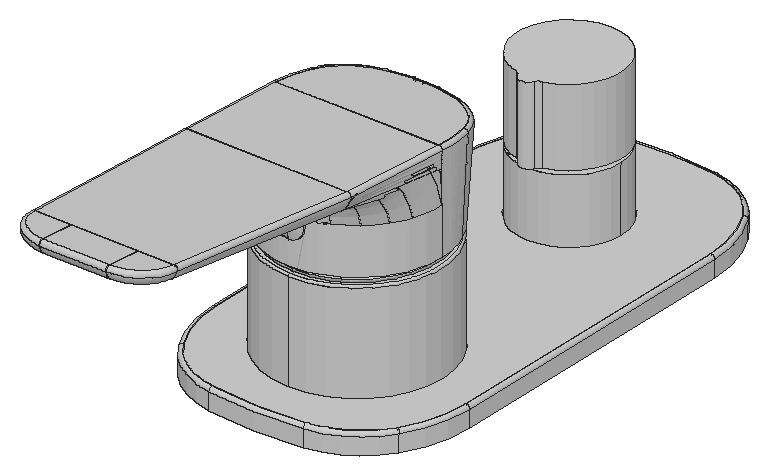
Revit family "CONTURA II BATH-SHOWER MIXER WITH DIVERTER", category Plumbing Fixtures, host Face, Revit 2020
Family settings
  Host = Face
  Round Connector Dimension = Use Diameter
  Part Type = Normal
  OmniClass Number = 23.45.55.17
  OmniClass Title = Mixing Faucets
  Cut with Voids When Loaded = Yes
  Shared = No
  Room Calculation Point = No
Parameters (values of type "CONTURA II BATH-SHOWER MIXER WITH DIVERTER - CHROME")
  Waste Connection = no
  Vent Connection = no
  URL = "https://www.caroma.com.au/"
  Model = "849057C"
  Base_Material = GWA_Metal-Chrome
  Manufacturer = "GWA Bathrooms & Kitchens"  # constant formula
  HW Connection = yes
  Description = "CONTURA II BATH-SHOWER MIXER WITH DIVERTER - CHROME"
  Default Elevation = 0 mm
  CreatedBy_ANZRS = "GWA Bathrooms & Kitchens"  # constant formula
  CW Connection = yes
  Assembly Code = "D2020300"
Types (6, lengths in mm): name | Model | Base_Material | Description
  (no name) | "849057C" | GWA_Metal-Chrome | "CONTURA II BATH-SHOWER MIXER WITH DIVERTER - CHROME"
  CONTURA II BATH-SHOWER MIXER WITH DIVERTER - CHROME | "849057C" | GWA_Metal-Chrome | "CONTURA II BATH-SHOWER MIXER WITH DIVERTER - CHROME"
  CONTURA II BATH-SHOWER MIXER WITH DIVERTER - MATTE BLACK | "849057B" | GWA-Metal-Black | "CONTURA II BATH-SHOWER MIXER WITH DIVERTER - MATTE BLACK"
  CONTURA II BATH-SHOWER MIXER WITH DIVERTER - BRUSHED BRASS | "849057BB" | GWA_Metal-Brushed-Brass | "CONTURA II BATH-SHOWER MIXER WITH DIVERTER - BRUSHED BRASS"
  CONTURA II BATH-SHOWER MIXER WITH DIVERTER - BRUSHED BRONZE | "849057BBZ" | GWA_Metal-Brushed-Bronze | "CONTURA II BATH-SHOWER MIXER WITH DIVERTER - BRUSHED BRONZE"
  CONTURA II BATH-SHOWER MIXER WITH DIVERTER - BRUSHED NICKEL | "849057BN" | GWA_Metal-Brushed-Nickel | "CONTURA II BATH-SHOWER MIXER WITH DIVERTER - BRUSHED NICKEL"
Reference planes
  plane 1 "Center (Front/Back)": y = 0
  plane 2: z = 0
  plane 3 "Center (Left/Right)": x = 0
Forms (mm)
  Sweep 1, solid, material "GWA_Metal-Chrome" <- "Base_Material"
    path origin (0, 0, 0) x (1, 0, 0) y (0, 1, 0)
      loop
        arc (32.5, 72.12) -> (31.3, 80.655) -> (27.784, 88.525) r 30.835
        arc (27.784, 88.525) -> (20.982, 95.397) -> (11.903, 98.719) r 22.166
        arc (11.903, 98.719) -> (0, 99.5) -> (-11.903, 98.719) r 91.144
        arc (-11.903, 98.719) -> (-20.982, 95.397) -> (-27.784, 88.525) r 22.166
        arc (-27.784, 88.525) -> (-31.297, 80.663) -> (-32.5, 72.135) r 30.835
        line (-32.5, 72.135) -> (-32.5, -5.135)
        arc (-32.5, -5.135) -> (-31.297, -13.663) -> (-27.784, -21.525) r 30.835
        arc (-27.784, -21.525) -> (-20.982, -28.397) -> (-11.903, -31.719) r 22.166
        arc (-11.903, -31.719) -> (0, -32.5) -> (11.903, -31.719) r 91.144
        arc (11.903, -31.719) -> (20.982, -28.397) -> (27.784, -21.525) r 22.166
        arc (27.784, -21.525) -> (31.295, -13.67) -> (32.5, -5.151) r 30.835
        line (32.5, -5.151) -> (32.5, 72.12)
    profile origin (32.5, 33.485, 0) x (1, 0, 0) y (0, 0, 1)
      loop
        line (0, 0) -> (0, 4.2)
        arc (0, 4.2) -> (-0.293, 4.907) -> (-1, 5.2) r 1
        line (-1, 5.2) -> (-1, 0) -> (0, 0)
  Extrusion 2, solid, material "GWA_Metal-Chrome" <- "Base_Material"
    sketch origin (0, 0, 0) x (1, 0, 0) y (0, 1, 0)
      loop
        circle (0, 0) r 21.8
      loop
        circle (0, 67) r 13.3
      loop
        arc (-11.772, 97.728) -> (-20.442, 94.555) -> (-26.937, 87.993) r 21.166
        arc (-26.937, 87.993) -> (-30.336, 80.386) -> (-31.5, 72.135) r 29.835
        line (-31.5, 72.135) -> (-31.5, -5.135)
        arc (-31.5, -5.135) -> (-30.336, -13.386) -> (-26.937, -20.993) r 29.835
        arc (-26.937, -20.993) -> (-20.442, -27.555) -> (-11.772, -30.728) r 21.166
        arc (-11.772, -30.728) -> (0, -31.5) -> (11.772, -30.728) r 90.144
        arc (11.772, -30.728) -> (20.442, -27.555) -> (26.937, -20.993) r 21.166
        arc (26.937, -20.993) -> (30.334, -13.393) -> (31.5, -5.15) r 29.835
        line (31.5, -5.15) -> (31.5, 72.12)
        arc (31.5, 72.12) -> (30.339, 80.379) -> (26.937, 87.993) r 29.835
        arc (26.937, 87.993) -> (20.442, 94.555) -> (11.772, 97.728) r 21.166
        arc (11.772, 97.728) -> (0, 98.5) -> (-11.772, 97.728) r 90.144
    from 0 to 5.2
  Revolve 3, solid, material "GWA_Metal-Chrome" <- "Base_Material"
    sketch origin (0, 0, 0) x (0, 1, 0) y (0, 0, 1)
      loop
        arc (-15.92, 36.8) -> (-18.261, 34.183) -> (-20.177, 31.24) r 23
        arc (-20.177, 31.24) -> (-20.169, 30.745) -> (-19.739, 30.5) r 0.5
        line (-19.739, 30.5) -> (0, 30.5) -> (0, 36.8) -> (-15.92, 36.8)
      axis (0, 30.5) -> (0, 36.8)
    angle from 0 to 360
  Revolve 4, solid, material "GWA_Metal-Chrome" <- "Base_Material"
    sketch origin (0, 0, 0) x (0, 1, 0) y (0, 0, 1)
      loop
        line (0, 30.5) -> (-21, 30.5)
        arc (-21, 30.5) -> (-21.354, 30.354) -> (-21.5, 30) r 0.5
        line (-21.5, 30) -> (-21.5, 0) -> (0, 0) -> (0, 30.5)
      axis (0, 0) -> (0, 30.5)
    angle from 0 to 360
  Extrusion 5, solid, material "GWA_Metal-Chrome" <- "Base_Material"
    sketch origin (0, 0, 0) x (1, 0, 0) y (0, 1, 0)
      loop
        circle (0, 67) r 13
    from 0 to 21.4
  Extrusion 6, solid, material "GWA_Metal-Chrome" <- "Base_Material"
    sketch origin (0, 0, 0) x (1, 0, 0) y (0, 1, 0)
      loop
        arc (-2.106, 53.459) -> (0, 52.002) -> (2.106, 53.459) r 2.25
        arc (2.106, 53.459) -> (2.512, 54.051) -> (3.147, 54.387) r 1.5
        arc (3.147, 54.387) -> (0, 80) -> (-3.147, 54.387) r 13
        arc (-3.147, 54.387) -> (-2.512, 54.051) -> (-2.106, 53.459) r 1.5
    from 22.4 to 41.9
Lines and regions (mm)
  Masking region 1
    outline origin (0, 0, 0) x (1, 0, 0) y (0, 1, 0)
      loop
        arc (-21.078, -28.335) -> (-20.113, -53.165) -> (-18.593, -77.967) r 1110.789
        arc (-18.593, -77.967) -> (-18.119, -80.677) -> (-17.111, -83.238) r 13.668
        arc (-17.111, -83.238) -> (-13.503, -87.334) -> (-8.387, -89.236) r 11.189
        arc (-8.387, -89.236) -> (0, -89.695) -> (8.387, -89.236) r 76.764
        arc (8.387, -89.236) -> (13.503, -87.334) -> (17.111, -83.238) r 11.189
        arc (17.111, -83.238) -> (18.119, -80.677) -> (18.593, -77.967) r 13.668
        arc (18.593, -77.967) -> (20.113, -53.165) -> (21.078, -28.335) r 1110.789
        arc (21.078, -28.335) -> (24.802, -25.296) -> (27.784, -21.525) r 22.166
        arc (27.784, -21.525) -> (31.295, -13.67) -> (32.5, -5.151) r 30.835
        line (32.5, -5.151) -> (32.5, 72.12)
        arc (32.5, 72.12) -> (31.3, 80.655) -> (27.784, 88.525) r 30.835
        arc (27.784, 88.525) -> (20.982, 95.397) -> (11.903, 98.719) r 22.166
        arc (11.903, 98.719) -> (0, 99.5) -> (-11.903, 98.719) r 91.144
        arc (-11.903, 98.719) -> (-20.982, 95.397) -> (-27.784, 88.525) r 22.166
        arc (-27.784, 88.525) -> (-31.297, 80.663) -> (-32.5, 72.135) r 30.835
        line (-32.5, 72.135) -> (-32.5, -5.135)
        arc (-32.5, -5.135) -> (-31.297, -13.663) -> (-27.784, -21.525) r 30.835
        arc (-27.784, -21.525) -> (-24.802, -25.296) -> (-21.078, -28.335) r 22.166
  Masking region 2
    outline origin (0, 0, 0) x (0, 1, 0) y (0, 0, 1)
      loop
        line (80, 5.2) -> (80, 21.4) -> (54, 21.4) -> (54, 5.2) -> (21.5, 5.2) -> (21.5, 30)
        arc (21.5, 30) -> (21.354, 30.354) -> (21, 30.5) r 0.5
        line (21, 30.5) -> (-21, 30.5)
        arc (-21, 30.5) -> (-21.354, 30.354) -> (-21.5, 30) r 0.5
        line (-21.5, 30) -> (-21.5, 5.2) -> (-31.5, 5.2)
        arc (-31.5, 5.2) -> (-32.207, 4.907) -> (-32.5, 4.2) r 1
        line (-32.5, 4.2) -> (-32.5, 0) -> (99.5, 0) -> (99.5, 4.2)
        arc (99.5, 4.2) -> (99.207, 4.907) -> (98.5, 5.2) r 1
        line (98.5, 5.2) -> (80, 5.2)
      loop
        line (52.002, 22.4) -> (80, 22.4) -> (80, 41.9) -> (52.002, 41.9) -> (52.002, 22.4)
      loop
        arc (-66.761, 63.338) -> (-73.285, 63.888) -> (-79.813, 64.392) r 914.227
        arc (-79.813, 64.392) -> (-84.22, 64.706) -> (-88.635, 64.998) r 914.138
        arc (-88.635, 64.998) -> (-89.418, 64.695) -> (-89.694, 63.901) r 1
        arc (-89.694, 63.901) -> (-89.223, 62.428) -> (-88.193, 61.276) r 3.705
        arc (-88.193, 61.276) -> (-86.039, 60.083) -> (-83.656, 59.463) r 9.844
        line (-83.656, 59.463) -> (-80.255, 59.02)
        arc (-80.255, 59.02) -> (-77.655, 58.68) -> (-75.055, 58.343) r 2544.513
        line (-75.055, 58.343) -> (-29.24, 52.379)
        arc (-29.24, 52.379) -> (-26.806, 51.634) -> (-24.754, 50.13) r 7.627
        arc (-24.754, 50.13) -> (-22.987, 47.769) -> (-21.878, 45.036) r 11.508
        arc (-21.878, 45.036) -> (-22.18, 41.811) -> (-21.5, 38.645) r 10.659
        line (-21.5, 38.645) -> (-21.5, 32.5) -> (21.5, 32.5) -> (21.5, 53.892)
        arc (21.5, 53.892) -> (21.262, 54.54) -> (20.661, 54.879) r 1
        arc (20.661, 54.879) -> (10.308, 56.367) -> (-0.092, 57.473) r 283.348
        line (-0.092, 57.473) -> (-66.761, 63.338)
  Masking region 3
    outline origin (0, 0, 0) x (0, 1, 0) y (0, 0, 1)
      loop
        line (-19.739, 30.5) -> (19.739, 30.5)
        arc (19.739, 30.5) -> (20.169, 30.745) -> (20.177, 31.24) r 0.5
        arc (20.177, 31.24) -> (19.816, 31.876) -> (19.435, 32.5) r 23
        line (19.435, 32.5) -> (-19.435, 32.5)
        arc (-19.435, 32.5) -> (-19.816, 31.876) -> (-20.177, 31.24) r 23
        arc (-20.177, 31.24) -> (-20.169, 30.745) -> (-19.739, 30.5) r 0.5
  Masking region 4
    outline origin (0, 0, 0) x (1, 0, 0) y (0, 0, 1)
      loop
        line (13, 32.5) -> (21.5, 32.5) -> (21.5, 55.106)
        arc (21.5, 55.106) -> (20.775, 59.374) -> (18.68, 63.162) r 12.917
        arc (18.68, 63.162) -> (17.817, 63.899) -> (16.742, 64.263) r 3
        arc (16.742, 64.263) -> (13.136, 64.66) -> (9.513, 64.862) r 67.649
        arc (9.513, 64.862) -> (0, 65) -> (-9.513, 64.862) r 327.745
        arc (-9.513, 64.862) -> (-13.136, 64.66) -> (-16.742, 64.263) r 67.649
        arc (-16.742, 64.263) -> (-17.817, 63.899) -> (-18.68, 63.162) r 3
        arc (-18.68, 63.162) -> (-20.775, 59.374) -> (-21.5, 55.106) r 12.917
        line (-21.5, 55.106) -> (-21.5, 32.5) -> (-13, 32.5) -> (-13, 30.5) -> (-21, 30.5)
        arc (-21, 30.5) -> (-21.354, 30.354) -> (-21.5, 30) r 0.5
        line (-21.5, 30) -> (-21.5, 5.2) -> (-31.5, 5.2)
        arc (-31.5, 5.2) -> (-32.207, 4.907) -> (-32.5, 4.2) r 1
        line (-32.5, 4.2) -> (-32.5, 0) -> (32.5, 0) -> (32.5, 4.2)
        arc (32.5, 4.2) -> (32.207, 4.907) -> (31.5, 5.2) r 1
        line (31.5, 5.2) -> (21.5, 5.2) -> (21.5, 30)
        arc (21.5, 30) -> (21.354, 30.354) -> (21, 30.5) r 0.5
        line (21, 30.5) -> (13, 30.5) -> (13, 32.5)
  Masking region 5
    outline origin (0, 0, 0) x (1, 0, 0) y (0, 0, 1)
      loop
        line (-19.739, 30.5) -> (-13, 30.5) -> (-13, 32.5) -> (-19.435, 32.5)
        arc (-19.435, 32.5) -> (-19.816, 31.876) -> (-20.177, 31.24) r 23
        arc (-20.177, 31.24) -> (-20.169, 30.745) -> (-19.739, 30.5) r 0.5
      loop
        line (19.435, 32.5) -> (13, 32.5) -> (13, 30.5) -> (19.739, 30.5)
        arc (19.739, 30.5) -> (20.169, 30.745) -> (20.177, 31.24) r 0.5
        arc (20.177, 31.24) -> (19.816, 31.876) -> (19.435, 32.5) r 23
  symbolic lines
    curve 1: arc (-10.33, 20.028, 0) -> (0, 21.503, 0) -> (10.33, 20.028, 0) r 36.892
    curve 2: arc (10.33, 20.028, 0) -> (16.721, 16.153, 0) -> (20.325, 9.606, 0) r 14.468
    curve 3: arc (20.325, 9.606, 0) -> (21.211, 4.765, 0) -> (21.5, -0.148, 0) r 40.318
    curve 4: arc (21.5, -0.148, 0) -> (20.729, -39.083, 0) -> (18.593, -77.967, 0) r 1110.789
    curve 5: arc (18.593, -77.967, 0) -> (18.119, -80.677, 0) -> (17.111, -83.238, 0) r 13.668
    curve 6: arc (17.111, -83.238, 0) -> (13.503, -87.334, 0) -> (8.387, -89.236, 0) r 11.189
    curve 7: arc (8.387, -89.236, 0) -> (0, -89.695, 0) -> (-8.387, -89.236, 0) r 76.764
    curve 8: arc (-10.33, 20.028, 0) -> (-16.721, 16.153, 0) -> (-20.325, 9.606, 0) r 14.468
    curve 9: arc (-20.325, 9.606, 0) -> (-21.211, 4.765, 0) -> (-21.5, -0.148, 0) r 40.318
    curve 10: arc (-21.5, -0.148, 0) -> (-20.729, -39.083, 0) -> (-18.593, -77.967, 0) r 1110.789
    curve 11: arc (-18.593, -77.967, 0) -> (-18.119, -80.677, 0) -> (-17.111, -83.238, 0) r 13.668
    curve 12: arc (-17.111, -83.238, 0) -> (-13.503, -87.334, 0) -> (-8.387, -89.236, 0) r 11.189
    curve 13: arc (-27.784, 88.525, 0) -> (-20.982, 95.397, 0) -> (-11.903, 98.719, 0) r 22.166
    curve 14: arc (-11.903, 98.719, 0) -> (0, 99.5, 0) -> (11.903, 98.719, 0) r 91.144
    curve 15: arc (11.903, 98.719, 0) -> (20.982, 95.397, 0) -> (27.784, 88.525, 0) r 22.166
    curve 16: arc (27.784, 88.525, 0) -> (31.3, 80.655, 0) -> (32.5, 72.12, 0) r 30.835
    curve 17: arc (-32.5, 72.135, 0) -> (-31.297, 80.663, 0) -> (-27.784, 88.525, 0) r 30.835
    curve 18: line (-32.5, 72.135, 0) -> (-32.5, -5.135, 0)
    curve 19: line (32.5, -5.151, 0) -> (32.5, 72.12, 0)
    curve 20: arc (-2.106, 53.459, 0) -> (0, 52.002, 0) -> (2.106, 53.459, 0) r 2.25
    curve 21: arc (2.106, 53.459, 0) -> (2.512, 54.051, 0) -> (3.147, 54.387, 0) r 1.5
    curve 22: arc (3.147, 54.387, 0) -> (0, 80, 0) -> (-3.147, 54.387, 0) r 13
    curve 23: arc (-3.147, 54.387, 0) -> (-2.512, 54.051, 0) -> (-2.106, 53.459, 0) r 1.5
    curve 24: arc (32.5, -5.151, 0) -> (31.295, -13.67, 0) -> (27.784, -21.525, 0) r 30.835
    curve 25: arc (-27.784, -21.525, 0) -> (-31.297, -13.663, 0) -> (-32.5, -5.135, 0) r 30.835
    curve 26: arc (-21.078, -28.335, 0) -> (-24.802, -25.296, 0) -> (-27.784, -21.525, 0) r 22.166
    curve 27: arc (27.784, -21.525, 0) -> (24.802, -25.296, 0) -> (21.078, -28.335, 0) r 22.166
    curve 28: line (0, 99.5, 0) -> (0, -32.5, 0)
    curve 29: line (0, -32.5, 0) -> (0, -32.5, 4.2)
    curve 30: arc (0, -32.5, 4.2) -> (0, -32.207, 4.907) -> (0, -31.5, 5.2) r 1
    curve 31: line (0, -31.5, 5.2) -> (0, 98.5, 5.2)
    curve 32: arc (0, 98.5, 5.2) -> (0, 99.207, 4.907) -> (0, 99.5, 4.2) r 1
    curve 33: line (0, 99.5, 4.2) -> (0, 99.5, 0)
    curve 34: line (0, -21.5, 5.2) -> (0, -21.5, 30)
    curve 35: arc (0, -21.5, 30) -> (0, -21.354, 30.354) -> (0, -21, 30.5) r 0.5
    curve 36: line (0, -21, 30.5) -> (0, 21, 30.5)
    curve 37: arc (0, 21, 30.5) -> (0, 21.354, 30.354) -> (0, 21.5, 30) r 0.5
    curve 38: line (0, 21.5, 30) -> (0, 21.5, 5.2)
    curve 39: arc (0, -19.739, 30.5) -> (0, -20.169, 30.745) -> (0, -20.177, 31.24) r 0.5
    curve 40: arc (0, -20.177, 31.24) -> (0, -19.816, 31.876) -> (0, -19.435, 32.5) r 23
    curve 41: arc (0, 19.739, 30.5) -> (0, 20.169, 30.745) -> (0, 20.177, 31.24) r 0.5
    curve 42: arc (0, 20.177, 31.24) -> (0, 19.816, 31.876) -> (0, 19.435, 32.5) r 23
    curve 43: line (0, -80.255, 59.02) -> (0, -83.656, 59.463)
    curve 44: arc (0, -83.656, 59.463) -> (0, -86.039, 60.083) -> (0, -88.193, 61.276) r 9.844
    curve 45: arc (0, -88.193, 61.276) -> (0, -89.223, 62.428) -> (0, -89.694, 63.901) r 3.705
    curve 46: arc (0, -89.694, 63.901) -> (0, -89.418, 64.695) -> (0, -88.635, 64.998) r 1
    curve 47: arc (0, -88.629, 64.998) -> (0, -84.22, 64.706) -> (0, -79.813, 64.392) r 914.138
    curve 48: arc (0, -79.813, 64.392) -> (0, -73.285, 63.888) -> (0, -66.761, 63.338) r 914.227
    curve 49: line (0, -66.761, 63.338) -> (0, -0.092, 57.473)
    curve 50: arc (0, -0.092, 57.473) -> (0, 10.308, 56.367) -> (0, 20.661, 54.879) r 283.348
    curve 51: arc (0, 20.661, 54.879) -> (0, 21.262, 54.54) -> (0, 21.5, 53.892) r 1
    curve 52: line (0, 21.5, 53.892) -> (0, 21.5, 32.5)
    curve 53: line (0, 21.5, 32.5) -> (0, -21.5, 32.5)
    curve 54: line (0, -21.5, 32.5) -> (0, -21.5, 42.111)
    curve 55: arc (0, -21.5, 42.111) -> (0, -22.344, 46.438) -> (0, -24.754, 50.13) r 11.508
    curve 56: arc (0, -24.754, 50.13) -> (0, -26.806, 51.634) -> (0, -29.24, 52.379) r 7.627
    curve 57: line (0, -29.24, 52.379) -> (0, -75.055, 58.343)
    curve 58: arc (0, -75.055, 58.343) -> (0, -77.655, 58.68) -> (0, -80.255, 59.02) r 2544.513
    curve 59: arc (0, -21.5, 38.645) -> (0, -22.18, 41.811) -> (0, -21.878, 45.036) r 10.659
    curve 60: arc (0, -21.5, 38.642) -> (0, -21.294, 41.472) -> (0, -21.706, 44.279) r 13.018
    curve 61: arc (0, -89.393, 64.72) -> (0, -88.8, 64.532) -> (0, -88.185, 64.431) r 4.336
    curve 62: line (0, -88.185, 64.431) -> (0, 18.628, 54.655)
    curve 63: arc (0, 18.628, 54.655) -> (0, 19.694, 54.58) -> (0, 20.762, 54.552) r 24.649
    curve 64: line (0, 54, 21.4) -> (0, 54, 5.2)
    curve 65: line (0, 54, 21.4) -> (0, 80, 21.4)
    curve 66: line (0, 80, 21.4) -> (0, 80, 5.2)
    curve 67: line (0, 52.002, 41.9) -> (0, 52.002, 22.4)
    curve 68: line (0, 80, 41.9) -> (0, 80, 22.4)
    curve 69: line (0, 52.002, 41.9) -> (0, 80, 41.9)
    curve 70: line (0, 52.002, 22.4) -> (0, 80, 22.4)
    curve 71: line (32.5, 0, 0) -> (-32.5, 0, 0)
    curve 72: line (-32.5, 0, 0) -> (-32.5, 0, 4.2)
    curve 73: arc (-32.5, 0, 4.2) -> (-32.207, 0, 4.907) -> (-31.5, 0, 5.2) r 1
    curve 74: line (-31.5, 0, 5.2) -> (31.5, 0, 5.2)
    curve 75: arc (31.5, 0, 5.2) -> (32.207, 0, 4.907) -> (32.5, 0, 4.2) r 1
    curve 76: line (32.5, 0, 4.2) -> (32.5, 0, 0)
    curve 77: line (21.5, 0, 5.2) -> (21.5, 0, 30)
    curve 78: arc (21.5, 0, 30) -> (21.354, 0, 30.354) -> (21, 0, 30.5) r 0.5
    curve 79: line (21, 0, 30.5) -> (13, 0, 30.5)
    curve 80: arc (-21, 0, 30.5) -> (-21.354, 0, 30.354) -> (-21.5, 0, 30) r 0.5
    curve 81: line (-21.5, 0, 30) -> (-21.5, 0, 5.2)
    curve 82: line (21.5, 0, 32.5) -> (21.5, 0, 55.106)
    curve 83: arc (21.5, 0, 55.106) -> (20.775, 0, 59.374) -> (18.68, 0, 63.162) r 12.917
    curve 84: arc (18.68, 0, 63.162) -> (17.817, 0, 63.899) -> (16.742, 0, 64.263) r 3
    curve 85: arc (16.742, 0, 64.263) -> (13.136, 0, 64.66) -> (9.513, 0, 64.862) r 67.649
    curve 86: arc (9.513, 0, 64.862) -> (0, 0, 65) -> (-9.513, 0, 64.862) r 327.745
    curve 87: arc (-9.513, 0, 64.862) -> (-13.136, 0, 64.66) -> (-16.742, 0, 64.263) r 67.649
    curve 88: arc (-16.742, 0, 64.263) -> (-17.817, 0, 63.899) -> (-18.68, 0, 63.162) r 3
    curve 89: arc (-18.68, 0, 63.162) -> (-20.775, 0, 59.374) -> (-21.5, 0, 55.106) r 12.917
    curve 90: line (-21.5, 0, 55.106) -> (-21.5, 0, 32.5)
    curve 91: line (-21.5, 0, 32.5) -> (-13, 0, 32.5)
    curve 92: arc (-21.242, 0, 57.673) -> (-20.943, 0, 56.16) -> (-19.656, 0, 55.31) r 2
    curve 93: arc (-19.656, 0, 55.31) -> (-16.208, 0, 54.811) -> (-12.73, 0, 54.616) r 39.62
    curve 94: arc (-12.73, 0, 54.616) -> (0, 0, 54.54) -> (12.73, 0, 54.616) r 1065.533
    curve 95: arc (12.73, 0, 54.616) -> (16.208, 0, 54.811) -> (19.656, 0, 55.31) r 39.62
    curve 96: arc (19.656, 0, 55.31) -> (20.943, 0, 56.16) -> (21.242, 0, 57.673) r 2
    curve 97: arc (-19.739, 0, 30.5) -> (-20.169, 0, 30.745) -> (-20.177, 0, 31.24) r 0.5
    curve 98: arc (-20.177, 0, 31.24) -> (-19.816, 0, 31.876) -> (-19.435, 0, 32.5) r 23
    curve 99: arc (19.435, 0, 32.5) -> (19.816, 0, 31.876) -> (20.177, 0, 31.24) r 23
    curve 100: arc (20.177, 0, 31.24) -> (20.169, 0, 30.745) -> (19.739, 0, 30.5) r 0.5
    curve 101: line (13, 0, 41.9) -> (-13, 0, 41.9)
    curve 102: line (13, 0, 22.4) -> (13, 0, 41.9)
    curve 103: line (-13, 0, 22.4) -> (13, 0, 22.4)
    curve 104: line (-13, 0, 41.9) -> (-13, 0, 22.4)
    curve 105: line (13, 0, 21.4) -> (-13, 0, 21.4)
    curve 106: line (-13, 0, 21.4) -> (-13, 0, 5.2)
    curve 107: line (13, 0, 21.4) -> (13, 0, 5.2)
    curve 108: line (13, 0, 32.5) -> (21.5, 0, 32.5)
    curve 109: line (-13, 0, 30.5) -> (-21, 0, 30.5)
Dimensions and locks
  aligned and locked: plane 2 to host face
  aligned and locked: level to host face
Nested families
  nested 1: "CONTURA_HANDLE" at (0, 0, 32.5), type "CONTURA LEVER HANDLE"
Connectors
  piping at (-10, 0, 0), diameter 20
    settings: index 1, connector inside diameter 609.6 mm, connector length 0 mm, flow factor 0, pipe flow 0.0 L/s, pressure drop 0.0 Pa, fitting loss kfactor 0, connector angle 0.00°, fixture units 0, engagement length 0 mm, angle of deflection 0.00°, flow configuration 3, flow direction 1, fitting loss method 0, system type 19, joint type 0, gender type 0, connector reference index -1, connector utility 0, adjustable connector no, is connector primary yes, connector description ""
  piping at (10, 0, 0), diameter 20
    settings: index 2, connector inside diameter 609.6 mm, connector length 0 mm, flow factor 0, pipe flow 0.0 L/s, pressure drop 0.0 Pa, fitting loss kfactor 0, connector angle 0.00°, fixture units 0, engagement length 0 mm, angle of deflection 0.00°, flow configuration 3, flow direction 1, fitting loss method 0, system type 20, joint type 0, gender type 0, connector reference index -1, connector utility 0, adjustable connector no, is connector primary no, connector description ""
Definition of nested family "CONTURA_HANDLE"
  Parameters (values of type "CONTURA LEVER HANDLE")
    Waste Connection = no
    Vent Connection = no
    URL = "https://www.caroma.com.au/"
    Model = ""
    Base_Material = none
    Manufacturer = "GWA Bathrooms & Kitchens"  # constant formula
    HW Connection = no
    Description = "CONTURA LEVER HANDLE"
    Default Elevation = 0 mm
    CreatedBy_ANZRS = "GWA Bathrooms & Kitchens"  # constant formula
    CW Connection = no
    Assembly Code = "D2020300"
  Reference planes
    plane 1 "Center (Front/Back)": y = 0
    plane 2: z = 0
    plane 3 "Center (Left/Right)": x = 0
  Forms (mm)
    Extrusion 1, solid
      sketch origin (0, -419.2, 0) x (1, 0, 0) y (0, 1, 0)
        loop
          line (-1219.2, 1219.2) -> (-1219.2, -380.8) -> (1219.2, -380.8) -> (1219.2, 1219.2) -> (-1219.2, 1219.2)
      from 0 to -304.8
    Blend 2, solid, material <- "Base_Material"
      base sketch origin (0, -84.666, 7.407) x (0, 0.087156, 0.996195) y (1, 0, 0)
        loop
          line (17.241, 8.654) -> (17.241, -8.654)
          arc (17.241, -8.654) -> (17.437, -12.074) -> (18.021, -15.451) r 30
          arc (18.021, -15.451) -> (18.665, -17.308) -> (19.676, -18.992) r 9.459
          arc (19.676, -18.992) -> (21.181, -20.354) -> (23.083, -21.059) r 5.359
          arc (23.083, -21.059) -> (23.869, -20.855) -> (24.245, -20.135) r 1
          arc (24.245, -20.135) -> (24.883, 0) -> (24.245, 20.135) r 317.774
          arc (24.245, 20.135) -> (23.869, 20.855) -> (23.083, 21.059) r 1
          arc (23.083, 21.059) -> (21.181, 20.354) -> (19.676, 18.992) r 5.359
          arc (19.676, 18.992) -> (18.665, 17.308) -> (18.023, 15.45) r 9.459
          arc (18.023, 15.45) -> (17.437, 12.074) -> (17.241, 8.654) r 30
      top sketch origin (0, -84.666, 7.407) x (0, 0.087156, 0.996195) y (1, 0, 0)
        loop
          arc (19.549, -8.412) -> (20.175, -12.472) -> (21.304, -16.421) r 32.683
          arc (21.304, -16.421) -> (22.196, -17.723) -> (23.617, -18.412) r 3.08
          arc (23.617, -18.412) -> (24.444, -18.203) -> (24.808, -17.431) r 1
          line (24.808, -17.431) -> (24.808, 17.431)
          arc (24.808, 17.431) -> (24.444, 18.203) -> (23.617, 18.412) r 1
          arc (23.617, 18.412) -> (22.196, 17.723) -> (21.304, 16.421) r 3.08
          arc (21.304, 16.421) -> (20.175, 12.472) -> (19.549, 8.412) r 32.683
          line (19.549, 8.412) -> (19.549, -8.412)
      from 54.454 to 2.9
    Blend 3, solid, material <- "Base_Material"
      base sketch origin (0, -84.666, 7.407) x (0, 0.087156, 0.996195) y (1, 0, 0)
        loop
          arc (23.883, -21.5) -> (24.591, -21.207) -> (24.883, -20.5) r 1
          line (24.883, -20.5) -> (24.883, 20.5)
          arc (24.883, 20.5) -> (24.591, 21.207) -> (23.883, 21.5) r 1
          line (23.883, 21.5) -> (20.141, 21.5)
          arc (20.141, 21.5) -> (18.593, 21.357) -> (17.098, 20.931) r 8.428
          arc (17.098, 20.931) -> (16.256, 20.193) -> (15.943, 19.119) r 2
          line (15.943, 19.119) -> (15.943, -21.5) -> (17.943, -21.5) -> (19.943, -21.5) -> (23.883, -21.5)
      top sketch origin (0, -84.666, 7.407) x (0, 0.087156, 0.996195) y (1, 0, 0)
        loop
          arc (24.245, -20.135) -> (24.883, 0) -> (24.245, 20.135) r 317.774
          arc (24.245, 20.135) -> (23.869, 20.855) -> (23.083, 21.059) r 1
          arc (23.083, 21.059) -> (21.181, 20.354) -> (19.676, 18.992) r 5.359
          arc (19.676, 18.992) -> (18.665, 17.308) -> (18.023, 15.45) r 9.459
          arc (18.023, 15.45) -> (17.437, 12.074) -> (17.241, 8.654) r 30
          line (17.241, 8.654) -> (17.241, -8.654)
          arc (17.241, -8.654) -> (17.437, -12.074) -> (18.021, -15.451) r 30
          arc (18.021, -15.451) -> (18.665, -17.308) -> (19.676, -18.992) r 9.459
          arc (19.676, -18.992) -> (21.181, -20.354) -> (23.083, -21.059) r 5.359
          arc (23.083, -21.059) -> (23.869, -20.855) -> (24.245, -20.135) r 1
      from 82.9 to 54.454
    Extrusion 4, void
      sketch origin (0, 0, 0) x (0, 1, 0) y (0, 0, 1)
        loop
          line (24.225, 27.95) -> (-23.063, 27.95) -> (-23.063, 25.992) -> (24.225, 21.855) -> (24.225, 27.95)
      from -25 to 25
    SweptBlend 5, solid, material <- "Base_Material"
      path origin (0, 0, 0) x (0, 1, 0) y (0, 0, 1)
        loop
          arc (-21.51, 11.753) -> (-23.642, 17.235) -> (-28.917, 19.837) r 8.114
      profile origin (0, -21.51, 11.753) x (0, -1, 0) y (1, 0, 0)
        loop
          arc (-1.993, 9.019) -> (-3.401, 11.59) -> (-5.146, 13.945) r 21.5
          arc (-5.146, 13.945) -> (-7.195, 16.041) -> (-9.51, 17.84) r 21.5
          arc (-9.51, 17.84) -> (-11.646, 19.104) -> (-13.914, 20.113) r 21.5
          arc (-13.914, 20.113) -> (-17.649, 21.151) -> (-21.51, 21.5) r 21.5
          line (-21.51, 21.5) -> (-28.283, 21.5) -> (-28.283, -21.5) -> (-21.51, -21.5)
          arc (-21.51, -21.5) -> (-17.649, -21.151) -> (-13.914, -20.113) r 21.5
          arc (-13.914, -20.113) -> (-11.625, -19.093) -> (-9.47, -17.813) r 21.5
          arc (-9.47, -17.813) -> (-7.223, -16.066) -> (-5.226, -14.038) r 21.5
          arc (-5.226, -14.038) -> (-3.668, -11.996) -> (-2.364, -9.783) r 21.5
          arc (-2.364, -9.783) -> (-0.014, -0.425) -> (-1.993, 9.019) r 21.5
      end profile origin (0, -28.917, 19.837) x (0, -0.087156, -0.996195) y (1, 0, 0)
        loop
          line (-5.842, 21.059) -> (-12.882, 21.059) -> (-18.539, 21.059) -> (-18.539, -21.059) -> (-12.882, -21.059) -> (-5.842, -21.059)
          arc (-5.842, -21.059) -> (-3.94, -20.354) -> (-2.435, -18.992) r 5.359
          arc (-2.435, -18.992) -> (-1.424, -17.308) -> (-0.78, -15.451) r 9.459
          arc (-0.78, -15.451) -> (-0.196, -12.074) -> (0, -8.654) r 30
          line (0, -8.654) -> (0, 8.654)
          arc (0, 8.654) -> (-0.196, 12.074) -> (-0.782, 15.45) r 30
          arc (-0.782, 15.45) -> (-1.424, 17.308) -> (-2.435, 18.992) r 9.459
          arc (-2.435, 18.992) -> (-3.94, 20.354) -> (-5.842, 21.059) r 5.359
    Extrusion 6, void
      sketch origin (0, 0, 0) x (0, 1, 0) y (0, 0, 1)
        loop
          line (-30.849, 25.471) -> (0, 22.772) -> (0, 9.64) -> (10.636, 9.64) -> (10.636, 40.388) -> (-30.849, 40.388) -> (-30.849, 25.471)
      from -25 to 25
    Revolve 7, solid, material <- "Base_Material"
      sketch origin (0, 0, 0) x (0, 1, 0) y (0, 0, 1)
        loop
          arc (-21.493, 13.741) -> (-22.017, 11.873) -> (-22.193, 9.941) r 10.662
          line (-22.193, 9.941) -> (-20.117, 9.941) -> (-20.117, 13.741) -> (-21.493, 13.741)
        axis (-22.193, 9.941) -> (-20.117, 9.941)
      angle from 0 to 360
    Extrusion 8, void
      sketch origin (0, 0, 0) x (1, 0, 0) y (0, 0, 1)
        loop
          circle (0, 9.941) r 4
      from 20.117 to 23.797
    Blend 9, solid, material <- "Base_Material"
      base sketch origin (0, -149.897, 0) x (1, 0, 0) y (0, 1, 0)
        loop
          arc (19.401, 159.162) -> (15.265, 165.038) -> (9.423, 169.222) r 21.5
          arc (9.423, 169.222) -> (2.551, 171.245) -> (-4.605, 170.898) r 21.5
          arc (-4.605, 170.898) -> (-13.361, 166.742) -> (-19.401, 159.162) r 21.5
          arc (-19.401, 159.162) -> (-20.957, 154.697) -> (-21.5, 150) r 21.5
          arc (-21.5, 150) -> (0, 128.397) -> (21.5, 150) r 21.5
          arc (21.5, 150) -> (20.957, 154.697) -> (19.401, 159.162) r 21.5
      top sketch origin (0, -149.897, 0) x (1, 0, 0) y (0, 1, 0)
        loop
          arc (-21.5, 149.897) -> (0, 128.397) -> (21.5, 149.897) r 21.5
          arc (21.5, 149.897) -> (21.208, 154.785) -> (20.325, 159.602) r 40.318
          arc (20.325, 159.602) -> (16.721, 166.149) -> (10.33, 170.024) r 14.468
          arc (10.33, 170.024) -> (0, 171.5) -> (-10.33, 170.024) r 36.892
          arc (-10.33, 170.024) -> (-16.721, 166.149) -> (-20.325, 159.602) r 14.468
          arc (-20.325, 159.602) -> (-21.208, 154.785) -> (-21.5, 149.897) r 40.318
      from 0 to 27.816
    Sweep 10, solid, material <- "Base_Material"
      path origin (0, 2.082, 23.793) x (0, -0.996195, 0.087156) y (1, 0, 0)
        loop
          arc (2.09, 21.5) -> (-2.887, 21.158) -> (-7.766, 20.116) r 35.224
          arc (-7.766, 20.116) -> (-14.082, 16.381) -> (-17.953, 10.148) r 15.393
          arc (-17.953, 10.148) -> (-19.543, 0.512) -> (-18.292, -9.173) r 33.557
          arc (-18.292, -9.173) -> (-14.42, -15.999) -> (-7.744, -20.122) r 15.796
          arc (-7.744, -20.122) -> (-2.876, -21.159) -> (2.09, -21.5) r 35.224
      profile origin (0.512, 21.55, 22.089) x (-0.017548, -0.996041, 0.087142) y (0, 0.087156, 0.996195)
        loop
          arc (1, 1) -> (0.293, 0.707) -> (0, 0) r 1
          line (0, 0) -> (1, 0) -> (1, 1)
    Extrusion 11, solid, material <- "Base_Material"
      sketch origin (0, 2.082, 23.793) x (0, -0.996195, 0.087156) y (1, 0, 0)
        loop
          arc (2.09, 20.5) -> (-2.744, 20.168) -> (-7.482, 19.157) r 34.224
          arc (-7.482, 19.157) -> (-13.384, 15.665) -> (-17, 9.843) r 14.393
          arc (-17, 9.843) -> (-18.543, 0.489) -> (-17.324, -8.911) r 32.557
          arc (-17.324, -8.911) -> (-13.704, -15.302) -> (-7.457, -19.164) r 14.796
          arc (-7.457, -19.164) -> (-2.731, -20.17) -> (2.09, -20.5) r 34.224
          line (2.09, -20.5) -> (2.09, 20.5)
      from 0 to 1
    Revolve 12, solid, material <- "Base_Material"
      sketch origin (0, -81.777, 7.155) x (0, 0.087156, 0.996195) y (1, 0, 0)
        loop
          line (19.549, 8.412) -> (24.808, 8.412) -> (24.808, 17.431)
          arc (24.808, 17.431) -> (24.444, 18.203) -> (23.617, 18.412) r 1
          arc (23.617, 18.412) -> (22.196, 17.723) -> (21.304, 16.421) r 3.08
          arc (21.304, 16.421) -> (20.175, 12.472) -> (19.549, 8.412) r 32.683
        axis (19.549, 8.412) -> (24.808, 8.412)
      angle from 90 to 0
    Revolve 13, solid, material <- "Base_Material"
      sketch origin (0, -81.777, 7.155) x (0, 0.087156, 0.996195) y (-1, 0, 0)
        loop
          line (19.549, 8.412) -> (24.808, 8.412) -> (24.808, 17.431)
          arc (24.808, 17.431) -> (24.444, 18.203) -> (23.617, 18.412) r 1
          arc (23.617, 18.412) -> (22.196, 17.723) -> (21.304, 16.421) r 3.08
          arc (21.304, 16.421) -> (20.175, 12.472) -> (19.549, 8.412) r 32.683
        axis (19.549, 8.412) -> (24.808, 8.412)
      angle from 90 to 0
    Extrusion 14, solid, material <- "Base_Material"
      sketch origin (0, 0, 0) x (0, 1, 0) y (0, 0, 1)
        loop
          arc (-87.898, 29.075) -> (-84.063, 27.606) -> (-80.073, 26.629) r 32.683
          line (-80.073, 26.629) -> (-79.615, 31.868) -> (-88.599, 32.654)
          arc (-88.599, 32.654) -> (-89.4, 32.359) -> (-89.681, 31.553) r 1
          arc (-89.681, 31.553) -> (-89.118, 30.078) -> (-87.898, 29.075) r 3.08
      from -8.412 to 8.412
  Cuts and joins
    Extrusion 6, Extrusion 8 cuts SweptBlend 5
    Extrusion 4, Extrusion 8 cuts Blend 9
  Dimensions and locks
    aligned and locked: plane 2 to Extrusion 1
    aligned and locked: level to Extrusion 1
